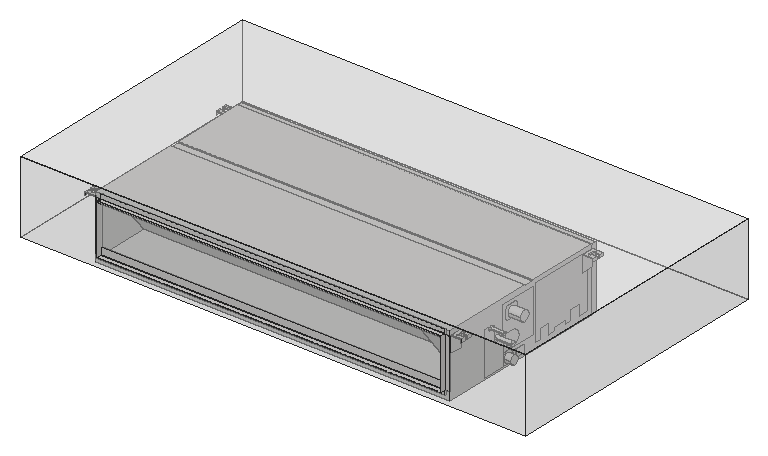
Revit family "outputfile", category 機械設備, Revit 2024
Family settings
  丸型コネクタ寸法 = 半径を使用
  パーツ タイプ = 標準
  OmniClass 番号 = 23.75.10.24.21.27.27
  OmniClass タイトル = Split System Air Conditioning Units
  作業面ベース = いいえ
  常に垂直 = はい
  ロード時にボイドで切り取り = いいえ
  注釈の向きを維持 = いいえ
  共有 = いいえ
  部屋計算ポイント = はい
Parameters (values of type "FDMC125AV1M")
  Description = ""
  書き出し IFC クラス(タイプ) = "IfcUnitaryEquipmentType"
  定義済み IFC タイプ(タイプ) = "AIRCONDITIONINGUNIT"
  Cost = 0
  Type Comments = ""
  Keynote = ""
  Type Image = (empty or 0)
  Assembly Code = ""
  switch_frequency = yes
  connector_voltage = Voltage_50Hz  # 230 V
  connector_powerinput = [Power Input (Cooling)]  # 3.660 kW
  connector_phase = Phase_50Hz  # 1
  URL = ""
  Supply Air Direction [instance] = yes
  製造元 = "Daikin"
  モデル = "FDMC125AV1M"
  w_pipe = 33 mm
  r_Liquid Pipe Size = Liquid Pipe Size / 2  # 4.75 mm
  r_Gas Pipe Size = Gas Pipe Size / 2  # 7.95 mm
  r_Drain Pipe Size = Drain Pipe Size / 2  # 16.0 mm
  lw_powersupply = Width / 2  # 700 mm
  lw_ductflange2 = 1362 mm
  lw_Width = 1362 mm
  lh_suctionflange [instance] = 100 mm
  ld_suctionflange [instance] = 190 mm
  ld_powersupply = 263 mm
  angle_vertical_RA [instance] = 90.00°
  angle horizontal_RA [instance] = 180.00°
  Voltage_comment_50Hz = "220 - 240"
  Voltage_50Hz = 230 V
  Sound Power Level_H speed (dB) = 0
  RA_length = 190 mm  # constant formula
  Phase_50Hz = 1
  Minimum External Static Pressure = 27.00 Pa
  Minimum Circuit Amps_50Hz = 0.0 A
  Maximum Fuse Amps_50Hz = 0.0 A
  Maximum External Static Pressure = 38.00 Pa
  Material_Casing = DAIKIN_GalvanizedSteel_Casing_indoorunit
  lw_liquidpipe = 757.9 mm
  lw_gaspipe = 767.5 mm
  lw_mountinghole_pitch = 1446 mm
  lw_mountinghole = 20 mm
  lw_drainpipe = 726 mm
  lh_powersupply = 43.2 mm
  lh_liquidpipe = 175 mm
  lh_gaspipe = 128 mm
  lh_mountinghole = Height + [h***] - 15 mm  # 235 mm
  lh_drainpipe = 29 mm
  lh_antena = (Height - lh_mountinghole) + 1 mm  # 16 mm
  ld_liquidpipe = 153 mm
  ld_gaspipe = 123 mm
  ld_mountinghole_pitch = 651 mm
  ld_drainpipe = 64 mm
  ld_controlbox = 626 mm
  h*** = 0 mm  # constant formula
  d_dischargeflange = 20 mm  # constant formula
  Width = 1400 mm
  Version = "ver.1.0"
  Unit Type = "Duct"
  Unit Mass Weight = 40.00 kg
  Unit Designation [instance] = ""
  Uniclass2015Version = "Products v1.30"
  Uniclass2015Title = "Split coil room air conditioning units"
  Uniclass2015Code = "Pr_70_65_03_86"
  Total Cooling Capacity [instance] = 0.000 kW
  Sound Pressure Level_M speed (dBA) = 39
  Sound Pressure Level_L speed (dBA) = 36
  Sound Pressure Level_H speed (dBA) = 42
  Series = "SkyAir_Fan Coil Unit"
  Sensible Cooling Capacity [instance] = 0.000 kW
  SA Duct Size Width = 1362 mm
  SA Duct Size Height = 200 mm
  Refrigerant Type = "R32"
  RA Duct Size Width = 1362 mm
  RA Duct Size Height = 214 mm
  Power Input (Cooling) = 3.660 kW
  Option Accessory 3 [instance] = ""
  Option Accessory 2 [instance] = ""
  Option Accessory 1 [instance] = ""
  Nominal Cooling Capacity = 12.310 kW
  Minimum Airflow = 1563.00 m³/h
  Median Airflow = 1860.00 m³/h
  Maximum Airflow = 2141.00 m³/h
  Load Classification = HVAC
  Liquid Pipe Size = 9.5 mm
  Link_Nested Family [instance] = ""
  IfcVersion = ""
  IfcExportType = "AIRCONDITIONINGUNIT"
  IfcExportAs = "IfcUnitaryEquipmentType"
  Height = 250 mm
  Heat Exchanger Type = "Cross Fin Coil"
  Gas Pipe Size = 15.9 mm
  Frequency_50Hz = 50 Hz
  Fan Type = "Sirocco Fan"
  Fan Drive = "-"
  FCU Tag No. [instance] = ""
  Drain Pipe Size = 32.0 mm
  Design Supply Airflow [instance] = 0.00 m³/h
  Design Return Airflow [instance] = 0.00 m³/h
  Design External Static Pressure [instance] = 0.00 Pa
  Depth = 700 mm
  既定の高さ = 0 mm
  Cooling Entering Wet Bulb Temperature [instance] = 0.00 °C
  Cooling Entering Dry Bulb Temperature [instance] = 0.00 °C
  Cooling Ambient Wet Bulb Temperature [instance] = 0.00 °C
  Cooling Ambient Dry Bulb Temperature [instance] = 0.00 °C
  Clearance visibility [instance] = yes
  Clearance Top = 20 mm
  Clearance Right = 300 mm
  Clearance Rear = 400 mm
  Clearance Left = 300 mm
  Clearance Front = 0 mm
  Clearance Bottom = 20 mm
Reference planes
  plane 1 "Center (Front/Back)": y = 0
  plane 2: z = 0
  plane 3 "Center (Left/Right)": x = 0
  plane 4 "Back": y = 350
  plane 5 "Front": y = -350
  plane 6 "Left": x = -700
  plane 7 "Right": x = 700
  plane 8 "Top": z = 0
  plane 9 "Bottom": z = -250
  plane 10: x = 681
  plane 11: x = -680.2
  plane 12: z = -72
  plane 13: z = -75
  plane 14: z = -122
  plane 15: x = -304
  plane 16: x = 304
  plane 17: x = -723
  plane 18: x = 723
  plane 19: x = 757.9
  plane 20: x = 767.5
  plane 21: z = -15
  plane 22 "Clearance Left": x = -1000
  plane 23 "Clearance Right": x = 1000
  plane 24 "Clearance Rear": y = 750
  plane 25 "Clearance Front": y = -350
  plane 26 "Clearance Bottom": z = -270
  plane 27: z = -21
  plane 28: z = -221
  plane 29: y = -123
  plane 30: y = -153
  plane 31: y = -30
  plane 32: y = -64
  plane 33: z = -118
  plane 34: y = -349.2
  plane 35: z = -150
  plane 36: y = 160
  plane 37: z = -151
  plane 38: x = 726
  plane 39: x = 695
  plane 40: x = 565.5
  plane 41: z = 102.5
  plane 42: y = 325.5
  plane 43: y = -325.5
  plane 44: y = 17.5
  plane 45: y = 57
  plane 46: x = 703.2
  plane 47: x = 705.2
  plane 48: y = -370
  plane 49: y = 390
  plane 50: z = -125
  plane 51: z = -70.5
  plane 52: z = -75.133
  plane 53: z = -75.5
  plane 54: z = -126.5
  plane 55: z = -239.8
  plane 56: z = -22.5
  plane 57: z = -192.5
  plane 58: z = -16
  plane 59 "Clearance Top": z = 20
  plane 60: z = -206.8
  plane 61: y = 263
  plane 62: y = -200
  plane 63: y = -300
  plane 64: y = -140
Forms (mm)
  Extrusion 1, solid, material "DAIKIN_GalvanizedSteel_Casing_indoorunit" <- "Material_Casing"
    sketch origin (0, 0, 0) x (1, 0, 0) y (0, 1, 0)
      loop
        line (-700, -349.2) -> (700, -349.2) -> (700, 350) -> (-700, 350) -> (-700, -349.2)
    from -250 to 0
  Extrusion 2, void
    sketch origin (0, 0, 1) x (1, 0, 0) y (0, 1, 0)
      loop
        line (-700, 57) -> (-700, 17.5) -> (700, 17.5) -> (700, 57) -> (-700, 57)
    from -1 to -5
  Extrusion 3, void
    sketch origin (0, 0, 0) x (0, 1, 0) y (0, 0, 1)
      loop
        line (-91.914, -222) -> (-91.914, -246.5) -> (-36.314, -246.5) -> (-36.314, -219.481)
        arc (-36.314, -219.481) -> (-65.261, -194.229) -> (-91.8, -222) r 27.8
    from 700 to 695
  Revolve 4, solid, material "DAIKIN_GalvanizedSteel_Casing_indoorunit" <- "Material_Casing"
    sketch origin (0, 0, -122) x (0, -1, 0) y (1, 0, 0)
      loop
        line (115.05, 700) -> (123, 700) -> (123, 767.5) -> (115.05, 767.5) -> (115.05, 700)
      axis (123, 700) -> (123, 767.5)
    angle from 0 to 360
  Revolve 5, solid, material "DAIKIN_GalvanizedSteel_Casing_indoorunit" <- "Material_Casing"
    sketch origin (0, 0, -75) x (0, -1, 0) y (1, 0, 0)
      loop
        line (153, 700) -> (153, 757.9) -> (148.25, 757.9) -> (148.25, 700) -> (153, 700)
      axis (153, 757.9) -> (153, 700)
    angle from 0 to 360
  Extrusion 6, solid, material "DAIKIN_GalvanizedSteel_Casing_indoorunit" <- "Material_Casing"
    sketch origin (0, 0, 0) x (0, 1, 0) y (0, 0, 1)
      loop
        circle (-64, -221) r 16
    from 726 to 700
  Extrusion 7, solid, material "DAIKIN_GalvanizedSteel_Casing_indoorunit" <- "Material_Casing"
    sketch origin (0, 0, 0) x (0, 1, 0) y (0, 0, 1)
      loop
        line (-180, -70.5) -> (-180, -239.8) -> (-95, -239.8) -> (-95, -126.5) -> (-107, -126.5)
        arc (-107, -126.5) -> (-121.5, -141) -> (-136, -126.5) r 14.5
        line (-136, -126.5) -> (-136, -75.5) -> (-141.006, -75.5)
        arc (-141.006, -75.5) -> (-153.184, -87.131) -> (-165, -75.133) r 12
        line (-165, -75.133) -> (-165, -70.5) -> (-180, -70.5)
      loop
        line (-92, -22.5) -> (-92, -192.5) -> (54, -192.5) -> (54, -22.5) -> (-92, -22.5)
      loop
        line (71, -16) -> (71, -224.802) -> (87.805, -224.802) -> (87.805, -184.607) -> (134.195, -184.606) -> (134.195, -224.802) -> (161, -224.802) -> (161, -212.302) -> (221, -212.303) -> (221, -224.802) -> (239.805, -224.802) -> (239.805, -184.606) -> (286.195, -184.606) -> (286.195, -224.802) -> (321.994, -224.802) -> (321.994, -82) -> (298.5, -82) -> (298.5, -16) -> (71, -16)
    from 700 to 703.2
  Extrusion 8, solid, material "DAIKIN_GalvanizedSteel_Casing_indoorunit" <- "Material_Casing"
    sketch origin (0, 0, 0) x (0, 1, 0) y (0, 0, 1)
      loop
        line (-27.5, -74.5) -> (-27.5, -41.5)
        arc (-27.5, -41.5) -> (-30.136, -35.136) -> (-36.5, -32.5) r 9
        line (-36.5, -32.5) -> (-69.5, -32.5)
        arc (-69.5, -32.5) -> (-75.864, -35.136) -> (-78.5, -41.5) r 9
        line (-78.5, -41.5) -> (-78.5, -74.5)
        arc (-78.5, -74.5) -> (-75.864, -80.864) -> (-69.5, -83.5) r 9
        line (-69.5, -83.5) -> (-36.5, -83.5)
        arc (-36.5, -83.5) -> (-30.136, -80.864) -> (-27.5, -74.5) r 9
      loop
        arc (8, -234.5) -> (9.415, -233.914) -> (10.001, -232.499) r 2.001
        line (10.001, -232.499) -> (9.997, -206.503)
        arc (9.997, -206.503) -> (9.412, -205.091) -> (8, -204.506) r 1.997
        line (8, -204.506) -> (-25.997, -204.506)
        arc (-25.997, -204.506) -> (-27.415, -205.094) -> (-28.002, -206.511) r 2.005
        line (-28.002, -206.511) -> (-28.002, -232.499)
        arc (-28.002, -232.499) -> (-27.416, -233.914) -> (-26.001, -234.5) r 2.001
        line (-26.001, -234.5) -> (8, -234.5)
      loop
        arc (-77.358, -152.358) -> (-25.548, -177.591) -> (-59.394, -130.95) r 29.7
        arc (-59.394, -130.95) -> (-62.843, -131.688) -> (-66.339, -131.219) r 10.3
        line (-66.339, -131.219) -> (-72.946, -129.136)
        arc (-72.946, -129.136) -> (-80.627, -131.374) -> (-81.498, -139.327) r 7.2
        line (-81.498, -139.327) -> (-78.299, -145.472)
        arc (-78.299, -145.472) -> (-77.23, -148.833) -> (-77.358, -152.358) r 10.3
    from 700 to 705.2
  Extrusion 9, solid, material "DAIKIN_GalvanizedSteel_Casing_indoorunit" <- "Material_Casing"
    sketch origin (0, 0, 0) x (0, 1, 0) y (0, 0, 1)
      loop
        circle (-53, -58) r 18.9
    from 700 to 757.9
  Extrusion 10, void
    sketch origin (0, 0, 0) x (0, 1, 0) y (0, 0, 1)
      loop
        line (-350, -18.8) -> (-350, -217.2) -> (-200, -217.2) -> (-349.2, -18.8) -> (-350, -18.8)
    from -680.2 to 681
  Extrusion 11, void
    sketch origin (0, 0, 0) x (0, 1, 0) y (0, 0, 1)
      loop
        line (-350, -18.8) -> (-350, -217.2) -> (-140, -217.2) -> (-300, -18.8) -> (-350, -18.8)
    from -680.2 to 565.5
Cuts and joins
  Extrusion 2, Extrusion 3, Extrusion 10, Extrusion 11 cuts Extrusion 1
  joined: Extrusion 7, Extrusion 8, Extrusion 9
Dimensions and locks
  "Height": plane 8 "Top" to plane 9 "Bottom"
  equal spacing: plane 15, plane 3 "Center (Left/Right)", plane 16, locked at 304 each
  locked: plane 15 to plane 16 at 608
  equal spacing: plane 17, plane 3 "Center (Left/Right)", plane 18
  "lw_mountinghole_pitch": plane 17 to plane 18
  locked: plane 12 to plane 9 "Bottom" at 178
  "lh_liquidpipe": plane 13 to plane 9 "Bottom"
  "lh_gaspipe": plane 14 to plane 9 "Bottom"
  "lh_mountinghole": plane 21 to plane 9 "Bottom"
  equal spacing: plane 6 "Left", plane 3 "Center (Left/Right)", plane 7 "Right"
  "Width": plane 6 "Left" to plane 7 "Right"
  "Clearance Right": plane 7 "Right" to plane 23 "Clearance Right"
  "Clearance Left": plane 22 "Clearance Left" to plane 6 "Left"
  "Clearance Rear": plane 24 "Clearance Rear" to plane 4 "Back"
  "Clearance Front": plane 5 "Front" to plane 25 "Clearance Front"
  locked: plane 8 "Top" to plane 27 at 21
  "Depth": plane 4 "Back" to plane 5 "Front"
  equal spacing: plane 4 "Back", plane 1 "Center (Front/Back)", plane 5 "Front"
  "ld_suctionflange": plane 4 "Back" to plane 36
  locked: plane 37 to plane 9 "Bottom" at 99
  plane 7 "Right" to plane 40 = 134.5 mm
  "r_Gas Pipe Size": nested 6 to Revolve 4 sketch curve
  "r_Liquid Pipe Size": nested 5 to Revolve 5 sketch curve
  equal spacing: plane 42, plane 1 "Center (Front/Back)", plane 43
  "ld_mountinghole_pitch": plane 42 to plane 43
  locked: plane 33 to plane 9 "Bottom" at 132
  "lw_liquidpipe": plane 3 "Center (Left/Right)" to plane 19
  "lw_gaspipe": plane 3 "Center (Left/Right)" to plane 20
  "lw_drainpipe": plane 3 "Center (Left/Right)" to plane 38
  "ld_drainpipe": plane 32 to plane 1 "Center (Front/Back)"
  "ld_gaspipe": plane 29 to plane 1 "Center (Front/Back)"
  "ld_liquidpipe": plane 30 to plane 1 "Center (Front/Back)"
  "lh_drainpipe": plane 28 to plane 9 "Bottom"
  locked: plane 7 "Right" to plane 46 at 3.2
  locked: plane 46 to plane 47 at 2
  equal spacing: plane 8 "Top", plane 50, plane 9 "Bottom"
  plane 51 to plane 52 to plane 53 to plane 54 to plane 55 = 4.633 mm locked, 0.367 mm locked, 51 mm locked, 113.3 mm locked
  plane 8 "Top" to plane 56 to plane 57 = 22.5 mm locked, 170 mm locked
  locked: plane 8 "Top" to plane 58 at 16
  locked: plane 40 to plane 10 at 115.5
  locked: plane 17 to plane 11 at 42.8
  locked: plane 39 to plane 7 "Right" at 5
  "Clearance Top": plane 59 "Clearance Top" to plane 8 "Top"
  "Clearance Bottom": plane 9 "Bottom" to plane 26 "Clearance Bottom"
  "lh_powersupply": plane 60 to plane 9 "Bottom"
  "ld_powersupply": plane 61 to plane 1 "Center (Front/Back)"
  locked: plane 34 to plane 5 "Front" at 0.8
  locked: plane 5 "Front" to plane 48 at 20
  locked: plane 5 "Front" to plane 62 at 150
  plane 5 "Front" to plane 63 to plane 64 = 50 mm locked, 160 mm locked
  "r_Drain Pipe Size": radius of Extrusion 6 sketch curve
  aligned and locked: level to plane 2
  aligned and locked: Extrusion 1 to plane 9 "Bottom"
  aligned and locked: plane 8 "Top" to Extrusion 1
  aligned and locked: Revolve 4 sketch curve to Revolve 4 sketch curve
  aligned and locked: plane 19 to nested 5
  aligned and locked: nested 5 to plane 13
  aligned and locked: plane 18 to nested 2
  aligned and locked: plane 17 to nested 3
  aligned and locked: plane 17 to nested 4
  aligned and locked: nested 6 to plane 14
  aligned and locked: plane 29 to nested 6
  aligned and locked: plane 30 to nested 5
  aligned and locked: Extrusion 6 sketch curve to plane 32
  aligned and locked: plane 8 "Top" to Extrusion 2
  aligned and locked: plane 24 "Clearance Rear" to nested 11
  aligned and locked: plane 23 "Clearance Right" to nested 11
  aligned and locked: plane 22 "Clearance Left" to nested 11
  aligned and locked: nested 11 to plane 25 "Clearance Front"
  aligned and locked: plane 7 "Right" to cut or joined group of Extrusion 1, Extrusion 2, Extrusion 3, Extrusion 10, Extrusion 11  (x3)
  aligned and locked: cut or joined group of Extrusion 1, Extrusion 2, Extrusion 3, Extrusion 10, Extrusion 11 to plane 39
  aligned and locked: plane 38 to Extrusion 6
  aligned and locked: plane 20 to nested 6
  aligned and locked: plane 3 "Center (Left/Right)" to nested 12
  aligned and locked: plane 18 to nested 1
  aligned and locked: plane 32 to nested 7
  aligned and locked: nested 7 to plane 28
  aligned and locked: plane 38 to nested 7
  aligned and locked: nested 9 to plane 1 "Center (Front/Back)"
  aligned and locked: plane 3 "Center (Left/Right)" to nested 9
  aligned and locked: plane 33 to nested 8
  aligned and locked: level to plane 8 "Top"
  aligned and locked: plane 42 to nested 1
  aligned and locked: plane 43 to nested 2
  aligned and locked: nested 4 to plane 42
  aligned and locked: nested 3 to plane 43
  aligned and locked: nested 12 to plane 21
  aligned and locked: cut or joined group of Extrusion 1, Extrusion 2, Extrusion 3, Extrusion 10, Extrusion 11 to plane 34
  aligned and locked: nested 13 to plane 33
  aligned and locked: Extrusion 2 sketch curve to plane 6 "Left"
  aligned and locked: plane 7 "Right" to Extrusion 2 sketch curve
  aligned and locked: plane 44 to Extrusion 2 sketch curve
  aligned and locked: plane 45 to Extrusion 2 sketch curve
  aligned and locked: plane 3 "Center (Left/Right)" to nested 10
  aligned and locked: nested 10 to plane 4 "Back"
  aligned and locked: plane 46 to Extrusion 7
  aligned and locked: Extrusion 7 to plane 7 "Right"
  aligned and locked: Extrusion 8 to plane 7 "Right"
  aligned and locked: plane 47 to Extrusion 8
  aligned and locked: plane 19 to Extrusion 9
  aligned and locked: Extrusion 9 to plane 7 "Right"
  aligned and locked: nested 8 to plane 48
  aligned and locked: plane 49 to nested 14
  aligned and locked: nested 14 to plane 3 "Center (Left/Right)"
  aligned and locked: nested 14 to plane 50
  aligned and locked: plane 54 to Extrusion 7 sketch curve  (x2)
  aligned and locked: plane 52 to Extrusion 7 sketch curve
  aligned and locked: plane 56 to Extrusion 7 sketch curve
  aligned and locked: plane 57 to Extrusion 7 sketch curve
  aligned and locked: plane 58 to Extrusion 7 sketch curve
  aligned and locked: plane 3 "Center (Left/Right)" to nested 13
  aligned and locked: plane 59 "Clearance Top" to nested 11
  aligned and locked: nested 11 to plane 26 "Clearance Bottom"
  aligned and locked: plane 7 "Right" to nested 15
  aligned and locked: nested 15 to plane 60
  aligned and locked: plane 34 to nested 13
  aligned and locked: plane 5 "Front" to Extrusion 10 sketch curve
  aligned and locked: cut or joined group of Extrusion 1, Extrusion 2, Extrusion 3, Extrusion 10, Extrusion 11 to plane 11  (x2)
  aligned and locked: plane 10 to cut or joined group of Extrusion 1, Extrusion 2, Extrusion 3, Extrusion 10, Extrusion 11
  aligned and locked: Extrusion 11 sketch curve to plane 5 "Front"
  aligned and locked: plane 63 to Extrusion 11 sketch curve
  aligned and locked: plane 64 to Extrusion 11 sketch curve
  aligned and locked: cut or joined group of Extrusion 1, Extrusion 2, Extrusion 3, Extrusion 10, Extrusion 11 to plane 40
  aligned and locked: Extrusion 6 to plane 7 "Right"
  aligned and locked: Revolve 4 to plane 7 "Right"
  aligned and locked: Revolve 5 to plane 7 "Right"
Automatic sketch dimensions
  Extrusion 1 sketch curve to plane 4 "Back" = 0 mm
  Extrusion 1 sketch curve to plane 6 "Left" = 0 mm
  Extrusion 1 sketch curve to plane 7 "Right" = 0 mm
  plane 34 to Extrusion 1 sketch curve = 0 mm
  Extrusion 6 sketch curve to plane 28 = 0 mm
  Revolve 4 sketch curve to plane 20 = 0 mm
  Revolve 4 sketch curve to plane 29 = 0 mm
  Revolve 4 sketch curve to Revolve 4 sketch curve = 2.003 mm
  plane 20 to Revolve 4 sketch curve = 1.003 mm
  Revolve 5 sketch curve to plane 30 = 0 mm  (x2)
  Revolve 5 sketch curve to plane 19 = 0 mm  (x2)
  Revolve 5 sketch curve to plane 7 "Right" = 0 mm
  Revolve 5 sketch curve to Revolve 5 sketch curve = 1 mm
  Revolve 4 sketch curve to plane 7 "Right" = 0 mm
  plane 9 "Bottom" to Extrusion 3 sketch curve = 3.5 mm
  Extrusion 3 sketch curve to plane 31 = 6.314 mm
  Extrusion 3 sketch curve to plane 28 = 1 mm  (x2)
  plane 32 to Extrusion 3 sketch curve = 0 mm
  Extrusion 3 sketch curve to Extrusion 3 sketch curve = 0.114 mm
  Extrusion 8 sketch curve to plane 32 = 14.5 mm
  plane 13 to Extrusion 8 sketch curve = 0.5 mm  (x2)
  Extrusion 8 sketch curve to plane 32 = 5.5 mm  (x2)
  Extrusion 8 sketch curve to plane 31 = 6.5 mm  (x2)
  Extrusion 8 sketch curve to plane 27 = 20.5 mm
  plane 31 to Extrusion 8 sketch curve = 1.998 mm
  Extrusion 8 sketch curve to Extrusion 8 sketch curve = 2.001 mm  (x2)
  Extrusion 8 sketch curve to Extrusion 8 sketch curve = 2.005 mm
  Extrusion 8 sketch curve to plane 1 "Center (Front/Back)" = 8 mm  (x2)
  plane 28 to Extrusion 8 sketch curve = 16.494 mm
  Extrusion 8 sketch curve to Extrusion 8 sketch curve = 1.994 mm
  Extrusion 8 sketch curve to Extrusion 8 sketch curve = 1.997 mm
  Extrusion 8 sketch curve to plane 32 = 17.498 mm
  Extrusion 8 sketch curve to plane 35 = 0.228 mm
  Extrusion 8 sketch curve to Extrusion 8 sketch curve = 5.937 mm
  plane 35 to Extrusion 8 sketch curve = 4.528 mm
  Extrusion 8 sketch curve to Extrusion 8 sketch curve = 3.199 mm
  Extrusion 8 sketch curve to Extrusion 8 sketch curve = 6.386 mm
  Extrusion 8 sketch curve to plane 14 = 7.136 mm
  Extrusion 8 sketch curve to Extrusion 8 sketch curve = 2.165 mm
  Extrusion 8 sketch curve to plane 32 = 2.339 mm
  plane 32 to Extrusion 8 sketch curve = 0.758 mm
  Extrusion 8 sketch curve to plane 37 = 7.5 mm
  plane 32 to Extrusion 8 sketch curve = 15.7 mm
  Extrusion 8 sketch curve to Extrusion 8 sketch curve = 6.145 mm
  Extrusion 8 sketch curve to Extrusion 8 sketch curve = 2.083 mm
  plane 14 to Extrusion 8 sketch curve = 0.604 mm
  Extrusion 8 sketch curve to Extrusion 8 sketch curve = 0 mm
  plane 32 to Extrusion 9 sketch curve = 11 mm
  plane 12 to Extrusion 9 sketch curve = 14 mm
  Extrusion 7 sketch curve to plane 30 = 0 mm
  Extrusion 7 sketch curve to plane 30 = 27 mm
  Extrusion 7 sketch curve to plane 13 = 0.5 mm
  Extrusion 7 sketch curve to Extrusion 7 sketch curve = 5.006 mm
  plane 12 to Extrusion 7 sketch curve = 1.5 mm
  Extrusion 7 sketch curve to Extrusion 7 sketch curve = 12 mm
  Extrusion 7 sketch curve to plane 30 = 12 mm
  plane 29 to Extrusion 7 sketch curve = 1.5 mm
  Extrusion 7 sketch curve to plane 32 = 28 mm
  Extrusion 7 sketch curve to Extrusion 7 sketch curve = 17 mm
  Extrusion 7 sketch curve to plane 28 = 3.802 mm  (x8)
  Extrusion 7 sketch curve to plane 42 = 27 mm
  Extrusion 7 sketch curve to plane 42 = 3.506 mm  (x2)
  Extrusion 7 sketch curve to plane 53 = 6.5 mm
  plane 57 to Extrusion 7 sketch curve = 7.893 mm
  Extrusion 7 sketch curve to Extrusion 7 sketch curve = 0 mm  (x2)
  plane 57 to Extrusion 7 sketch curve = 7.894 mm  (x2)
  plane 36 to Extrusion 7 sketch curve = 1 mm  (x2)
  plane 28 to Extrusion 7 sketch curve = 8.697 mm
  Extrusion 3 sketch curve to Extrusion 3 sketch curve = 27.914 mm
  Extrusion 7 sketch curve to plane 55 = 0 mm
  Extrusion 8 sketch curve to plane 28 = 11.499 mm
  Extrusion 7 sketch curve to Extrusion 7 sketch curve = 60 mm
  Extrusion 10 sketch curve to plane 34 = 0 mm
  plane 28 to Extrusion 10 sketch curve = 3.8 mm
  plane 27 to Extrusion 10 sketch curve = 2.2 mm
  Extrusion 10 sketch curve to plane 30 = 47 mm
  plane 28 to Extrusion 11 sketch curve = 3.8 mm
  plane 27 to Extrusion 11 sketch curve = 2.2 mm
  radius of Extrusion 9 sketch curve = 18.9 mm
Nested families
  nested 1: "daikin_mountinghole" at (723, 325.5, -250), l_antenna <- "lh_antena", Link_Nested Family <- "Link_Nested Family", h_mountinghole <- "lh_mountinghole", type "daikin_mountinghole"
    with show yes, l_antenna 16 mm, h_mountinghole 235 mm, Link_Nested Family ""
  nested 2: "daikin_mountinghole" at (723, -325.5, -250), Link_Nested Family <- "Link_Nested Family", l_antenna <- "lh_antena", h_mountinghole <- "lh_mountinghole", type "daikin_mountinghole"
    with show yes, l_antenna 16 mm, h_mountinghole 235 mm, Link_Nested Family ""
  nested 3: "daikin_mountinghole" at (-723, -325.5, -250), l_antenna <- "lh_antena", Link_Nested Family <- "Link_Nested Family", h_mountinghole <- "lh_mountinghole", type "daikin_mountinghole"
    with show yes, l_antenna 16 mm, h_mountinghole 235 mm, Link_Nested Family ""
  nested 4: "daikin_mountinghole" at (-723, 325.5, -250), l_antenna <- "lh_antena", Link_Nested Family <- "Link_Nested Family", h_mountinghole <- "lh_mountinghole", type "daikin_mountinghole"
    with show yes, l_antenna 16 mm, h_mountinghole 235 mm, Link_Nested Family ""
  nested 5: "daikin_connector_rotate2" at (0, -153, -75) x (0, 1, 0) z (0, 0, 1), length <- "lw_liquidpipe", built-in parameter 1001364 <- "lh_liquidpipe", radius <- "r_Liquid Pipe Size", type "daikin_connector_rotate2"
    with radius 4.75 mm, length 757.9 mm, angle_vertical 90.00°
  nested 6: "daikin_connector_rotate2" at (0, -123, -122) x (0, 1, 0) z (0, 0, 1), length <- "lw_gaspipe", built-in parameter 1001364 <- "lh_gaspipe", radius <- "r_Gas Pipe Size", type "daikin_connector_rotate2"
    with radius 7.95 mm, length 767.5 mm, angle_vertical 90.00°
  nested 7: "daikin_connector_rotate2" at (0, -64, -221) x (0, 1, 0) z (0, 0, 1), built-in parameter 1001364 <- "lh_drainpipe", length <- "lw_drainpipe", radius <- "r_Drain Pipe Size", type "daikin_connector_rotate2"
    with radius 16 mm, length 726 mm, angle_vertical 90.00°
  nested 8: "daikin_connector_rotate2" at (0, -350, -118), length <- "d_dischargeflange", type "daikin_connector_rotate2"
    with radius 10 mm, length 20 mm, angle_vertical 90.00°
  nested 9: "daikin_△_symbolicline" at (-75, -129.904, 250) x (-0.5, 0.866, 0) z (0, 0, 1), built-in parameter 1001364 <- "Height", visible <- "Supply Air Direction", type "daikin_△_symbolicline"
    with length 300 mm
  nested 10: "daikin_ductflange_FDMC-AV1M_1" at (0, 350, -125), material <- "Material_Casing", width <- "lw_ductflange2", type "daikin_ductflange_FDMC-AV1M_1"
    with width 1362 mm, material DAIKIN_GalvanizedSteel_Casing_indoorunit, height 214 mm, depth 40 mm
  nested 11: "daikin_clearancespace" at (0, 200, -124.881), visible <- "Clearance visibility", show <- "Clearance visibility", Link_Nested Family <- "Link_Nested Family", type "daikin_clearancespace"
    with width 2000 mm, show yes, height 290 mm, depth 1100 mm, Link_Nested Family ""
  nested 12: "daikin_hangerfixture_FDMC-AV1M" at (0, 0, -15), type "daikin_hangerfixture_FDMC-AV1M"
    with width 1400 mm
  nested 13: "daikin_ductflange_FDMC-AV1M" at (0, -35.7, -407.401), width <- "lw_Width", material <- "Material_Casing", type "daikin_ductflange_FDMC-AV1M"
    with width 1362 mm, material DAIKIN_GalvanizedSteel_Casing_indoorunit, height 200 mm, depth 20.8 mm
  nested 14: "daikin_connector_rotate2" at (0, 350, -125) x (-1, 0, 0) z (0, 0, 1), type "daikin_connector_rotate2"
    with radius 10 mm, length 40 mm, angle_vertical 90.00°
  nested 15: "daikin_connector_rotate2" at (0, 263, -206.8) x (0, 1, 0) z (0, 0, 1), length <- "lw_powersupply", built-in parameter 1001364 <- "lh_powersupply", type "daikin_connector_rotate2"
    with radius 10 mm, length 700 mm, angle_vertical 90.00°
Connectors
  piping at (767.5, -123, -122), diameter 15.9, driven by "r_Gas Pipe Size"
    settings: on nested 6, index 1, connector inside diameter 609.6 mm, connector length 0 mm, flow factor 0, pipe flow 0.00 m³/h, pressure drop 0.0 Pa, fitting loss kfactor 0, connector angle 0.00°, fixture units 0, engagement length 0 mm, angle of deflection 0.00°, flow configuration 1, flow direction 2, fitting loss method 0, system type 29, joint type 0, gender type 0, connector reference index -1, connector utility 0, adjustable connector no, is connector primary yes, connector description "Refrigerant Gas Piping"
  piping at (757.9, -153, -75), diameter 9.5, driven by "r_Liquid Pipe Size"
    settings: on nested 5, index 2, connector inside diameter 609.6 mm, connector length 0 mm, flow factor 0, pipe flow 0.00 m³/h, pressure drop 0.0 Pa, fitting loss kfactor 0, connector angle 0.00°, fixture units 0, engagement length 0 mm, angle of deflection 0.00°, flow configuration 1, flow direction 1, fitting loss method 0, system type 29, joint type 0, gender type 0, connector reference index -1, connector utility 0, adjustable connector no, is connector primary no, connector description "Refrigerant Liquid Piping"
  piping at (726, -64, -221), diameter 32, driven by "r_Drain Pipe Size"
    settings: on nested 7, index 3, connector inside diameter 609.6 mm, connector length 0 mm, flow factor 0, pipe flow 0.00 m³/h, pressure drop 0.0 Pa, fitting loss kfactor 0, connector angle 0.00°, fixture units 0, engagement length 0 mm, angle of deflection 0.00°, flow configuration 1, flow direction 2, fitting loss method 4, system type 16, joint type 0, gender type 0, connector reference index -1, connector utility 0, adjustable connector no, is connector primary no, connector description "Condensate Drain Piping"
  hvac at (0, -370, -118), driven by "SA Duct Size Height", driven by "SA Duct Size Width"
    settings: on nested 8, index 7, duct flow 0.00 m³/h, flow factor 0, pres drop 0.00 Pa, loss coef 0, conn angle 0.00°, conn width 1362.0 mm, conn height 200.0 mm, conn diameter 609.6 mm, duct sys type 1, conn prof type 1, flow config 0, flow direction 2, loss method 4, conn ref index -1, conn util no, is conn primary yes, conn desc "SA Duct"
  hvac at (0, 390, -125), driven by "RA Duct Size Width", driven by "RA Duct Size Height"
    settings: on nested 14, index 8, duct flow 0.00 m³/h, flow factor 0, pres drop 0.00 Pa, loss coef 0, conn angle 0.00°, conn width 1362.0 mm, conn height 214.0 mm, conn diameter 609.6 mm, duct sys type 2, conn prof type 1, flow config 0, flow direction 1, loss method 4, conn ref index -1, conn util no, is conn primary no, conn desc "RA Duct"
  electrical at (700, 263, -206.8), driven by "Load Classification", driven by "connector_powerinput", driven by "connector_voltage", driven by "connector_phase"
    settings: on nested 15, index 9, voltage 230 V, apparent load 3660 VA, apparent load phase1 0 VA, apparent load phase2 0 VA, apparent load phase3 0 VA, power factor 1, load classification "HVAC", number of poles 1, system type 30, power factor state 1, is connector primary yes, connector utility no, sub classification motor no, connector description "Power Supply"
Definition of nested family "daikin_ductflange_FDMC-AV1M_1"
  Parameters (values of type "daikin_ductflange_FXDQ-NDVET2")
    width [instance] = 662 mm
    material [instance] = none
    height [instance] = 214 mm
    depth [instance] = 40 mm
    Default Elevation = 0 mm
  Reference planes
    plane 1 "Center (Front/Back)": y = 0
    plane 2: z = 0
    plane 3 "Center (Left/Right)": x = 0
    plane 4: x = -331
    plane 5: x = 331
    plane 6: z = 107
    plane 7: z = -107
    plane 8: x = -350
    plane 9: x = 350
    plane 10: z = 124
    plane 11: z = -124
    plane 12: y = 20
    plane 13: x = -330.2
    plane 14: x = 330.2
    plane 15: z = 106.2
    plane 16: z = -106.2
    plane 17: y = 40
    plane 18: x = -330.2
    plane 19: z = 106.2
    plane 20: z = -106.2
    plane 21: x = 330.2
  Forms (mm)
    Extrusion 1, solid, material <- "material"
      sketch origin (0, 0, 0) x (1, 0, 0) y (0, 0, 1)
        loop
          line (-330.2, 106.2) -> (-330.2, -106.2) -> (330.2, -106.2) -> (330.2, 106.2) -> (-330.2, 106.2)
        loop
          line (-350, 124) -> (-350, -124) -> (350, -124) -> (350, 124) -> (-350, 124)
      from 0 to -20
    Extrusion 2, solid, material <- "material"
      sketch origin (0, 0, 0) x (1, 0, 0) y (0, 0, 1)
        loop
          line (-331, 107) -> (-331, -107) -> (331, -107) -> (331, 107) -> (-331, 107)
        loop
          line (-330.2, 106.2) -> (-330.2, -106.2) -> (330.2, -106.2) -> (330.2, 106.2) -> (-330.2, 106.2)
      from -40 to -20
  Cuts and joins
    joined: Extrusion 1, Extrusion 2
  Dimensions and locks
    equal spacing: plane 5, plane 3 "Center (Left/Right)", plane 4
    "width": plane 5 to plane 4
    equal spacing: plane 6, level, plane 7
    "height": plane 6 to plane 7
    locked: plane 4 to plane 8 at 19
    locked: plane 9 to plane 5 at 19
    locked: plane 10 to plane 6 at 17
    locked: plane 7 to plane 11 at 17
    locked: plane 1 "Center (Front/Back)" to plane 12 at 20
    locked: plane 13 to plane 4 at 0.8
    locked: plane 5 to plane 14 at 0.8
    locked: plane 6 to plane 15 at 0.8
    locked: plane 16 to plane 7 at 0.8
    locked: plane 12 to plane 17 at 20
    locked: plane 18 to plane 4 at 0.8
    locked: plane 5 to plane 21 at 0.8
    locked: plane 6 to plane 19 at 0.8
    locked: plane 20 to plane 7 at 0.8
    locked: plane 1 "Center (Front/Back)" to plane 17 at 40
    aligned and locked: level to plane 2
    aligned and locked: Extrusion 1 sketch curve to plane 10
    aligned and locked: plane 8 to Extrusion 1 sketch curve
    aligned and locked: Extrusion 1 sketch curve to plane 9
    aligned and locked: Extrusion 1 to plane 12
    aligned and locked: plane 1 "Center (Front/Back)" to Extrusion 1
    aligned and locked: Extrusion 1 sketch curve to plane 15
    aligned and locked: plane 13 to Extrusion 1 sketch curve
    aligned and locked: plane 16 to Extrusion 1 sketch curve
    aligned and locked: plane 11 to Extrusion 1 sketch curve
    aligned and locked: Extrusion 1 sketch curve to plane 14
    aligned and locked: Extrusion 2 sketch curve to plane 6
    aligned and locked: plane 4 to Extrusion 2 sketch curve
    aligned and locked: plane 7 to Extrusion 2 sketch curve
    aligned and locked: Extrusion 2 sketch curve to plane 5
    aligned and locked: Extrusion 2 sketch curve to Extrusion 1  (x4)
    aligned and locked: Extrusion 2 to plane 17
    aligned and locked: Extrusion 2 to Extrusion 1
  Automatic sketch dimensions
    Extrusion 1 sketch curve to plane 10 = 0 mm
Definition of nested family "daikin_clearancespace"
  Parameters (values of type "daikin_clearancespace")
    Description = "daikin_clearancespace"
    width [instance] = 1823.963 mm
    show [instance] = yes
    material = none
    height [instance] = 1359.762 mm
    depth [instance] = 880 mm
    Default Elevation = 0 mm
    Link_Nested Family [instance] = ""
  Reference planes
    plane 1 "Center (Front/Back)": y = 0
    plane 2 "Center (Elevation)": z = -0.119
    plane 3 "Center (Left/Right)": x = 0
    plane 4: y = 440
    plane 5: y = -440
    plane 6 "Right": x = 911.982
    plane 7 "Left": x = -911.982
    plane 8 "Top": z = 679.762
    plane 9 "Bottom": z = -680
  Forms (mm)
    Extrusion 1, solid, material <- "material", visible <- "show"
      sketch origin (0, 0, 0) x (1, 0, 0) y (0, 1, 0)
        loop
          line (-911.982, 440) -> (-911.982, -440) -> (911.982, -440) -> (911.982, 440) -> (-911.982, 440)
      from -680 to 679.762
  Lines and regions (mm)
    symbolic lines, visible <- "show"
      curve 1: line (911.982, 440, 0) -> (-911.982, 440, 0)
      curve 2: line (-911.982, 440, 0) -> (-911.982, -440, 0)
      curve 3: line (-911.982, -440, 0) -> (911.982, -440, 0)
      curve 4: line (911.982, -440, 0) -> (911.982, 440, 0)
      curve 5: line (911.982, 0, 679.762) -> (-911.982, 0, 679.762)
      curve 6: line (911.982, 0, -680) -> (911.982, 0, 679.762)
      curve 7: line (-911.982, 0, -680) -> (911.982, 0, -680)
      curve 8: line (-911.982, 0, 679.762) -> (-911.982, 0, -680)
      curve 9: line (0, 440, 679.762) -> (0, -440, 679.762)
      curve 10: line (0, -440, 679.762) -> (0, -440, -680)
      curve 11: line (0, 440, -680) -> (0, 440, 679.762)
      curve 12: line (0, -440, -680) -> (0, 440, -680)
  Dimensions and locks
    "width": plane 7 "Left" to plane 6 "Right"
    "depth": plane 4 to plane 5
    "height": plane 8 "Top" to plane 9 "Bottom"
    equal spacing: plane 7 "Left", plane 3 "Center (Left/Right)", plane 6 "Right"
    equal spacing: plane 4, plane 1 "Center (Front/Back)", plane 5
    equal spacing: plane 8 "Top", plane 2 "Center (Elevation)", plane 9 "Bottom"
    aligned and locked: level to plane 2 "Center (Elevation)"
    aligned and locked: Extrusion 1 sketch curve to plane 4
    aligned and locked: plane 7 "Left" to Extrusion 1 sketch curve
    aligned and locked: Extrusion 1 sketch curve to plane 5
    aligned and locked: Extrusion 1 sketch curve to plane 6 "Right"
    aligned and locked: plane 8 "Top" to Extrusion 1
    aligned and locked: curve 1 to Extrusion 1
    aligned and locked: curve 2 to Extrusion 1
    aligned and locked: curve 3 to Extrusion 1
    aligned and locked: curve 4 to Extrusion 1
    aligned and locked: curve 5 to Extrusion 1
    aligned and locked: curve 6 to Extrusion 1
    aligned and locked: curve 7 to Extrusion 1
    aligned and locked: curve 8 to Extrusion 1
    aligned and locked: curve 9 to Extrusion 1
    aligned and locked: curve 10 to Extrusion 1
    aligned and locked: curve 11 to Extrusion 1
    aligned and locked: curve 12 to Extrusion 1
    aligned and locked: Extrusion 1 to plane 9 "Bottom"
Definition of nested family "daikin_hangerfixture_FDMC-AV1M"
  Parameters (values of type "daikin_hangerfixture_FDMFC-AV1M")
    width = 700 mm
    material = none
    height = 65 mm
    depth = 700 mm
    Default Elevation = 0 mm
  Reference planes
    plane 1 "Center (Front/Back)": y = 0
    plane 2: z = 0
    plane 3 "Center (Left/Right)": x = 0
    plane 4: x = 350
    plane 5: y = 350
    plane 6: y = -350
    plane 7: x = -350
    plane 8: z = -65
    plane 9: y = 325.5
    plane 10: y = -325.5
    plane 11: y = 302
    plane 12: y = -302
    plane 13: x = 373
    plane 14: x = -373
  Forms (mm)
    Extrusion 1, void
      sketch origin (0, 0, 0) x (-1, 0, 0) y (0, -1, 0)
        loop
          arc (366.995, -334.5) -> (373, -340.5) -> (378.995, -334.489) r 6
          line (378.995, -334.489) -> (378.995, -333)
          arc (378.995, -333) -> (379.288, -332.293) -> (379.995, -332) r 1
          line (379.995, -332) -> (394.995, -332) -> (394.995, -319) -> (379.995, -319)
          arc (379.995, -319) -> (379.288, -318.707) -> (378.995, -318) r 1
          line (378.995, -318) -> (378.995, -316.464)
          arc (378.995, -316.464) -> (372.977, -310.5) -> (366.995, -316.5) r 6
          line (366.995, -316.5) -> (366.995, -334.5)
        loop
          line (367.28, 334.5) -> (367.28, 316.5)
          arc (367.28, 316.5) -> (373, 310.507) -> (379.254, 315.94) r 6
          line (379.254, 315.94) -> (379.254, 318)
          arc (379.254, 318) -> (379.547, 318.707) -> (380.254, 319) r 1
          line (380.254, 319) -> (395.254, 319) -> (395.254, 332) -> (380.254, 332)
          arc (380.254, 332) -> (379.547, 332.293) -> (379.254, 333) r 1
          line (379.254, 333) -> (379.254, 334.5)
          arc (379.254, 334.5) -> (373.267, 340.487) -> (367.28, 334.5) r 5.987
      from -254.96 to 618
    Extrusion 2, solid, material <- "material"
      sketch origin (0, 0, 0) x (-1, 0, 0) y (0, 0, 1)
        loop
          line (350, 0) -> (350, -65) -> (352.3, -65) -> (352.3, -2.3) -> (392.7, -2.3) -> (392.7, -12) -> (395, -12) -> (395, 0) -> (350, 0)
      from -349.5 to -301.5
    Extrusion 3, solid, material <- "material"
      sketch origin (0, 0, 0) x (1, 0, 0) y (0, 0, 1)
        loop
          line (350, 0) -> (350, -65) -> (352.3, -65) -> (352.3, -2.3) -> (392.7, -2.3) -> (392.7, -12) -> (395, -12) -> (395, 0) -> (350, 0)
      from -349.5 to -301.5
    Extrusion 4, void
      sketch origin (0, 0, 0) x (1, 0, 0) y (0, 1, 0)
        loop
          line (366.995, 334.5) -> (366.995, 316.5)
          arc (366.995, 316.5) -> (372.977, 310.5) -> (378.995, 316.464) r 6
          line (378.995, 316.464) -> (378.995, 318)
          arc (378.995, 318) -> (379.288, 318.707) -> (379.995, 319) r 1
          line (379.995, 319) -> (394.995, 319) -> (394.995, 332) -> (379.995, 332)
          arc (379.995, 332) -> (379.288, 332.293) -> (378.995, 333) r 1
          line (378.995, 333) -> (378.995, 334.489)
          arc (378.995, 334.489) -> (373, 340.5) -> (366.995, 334.5) r 6
        loop
          arc (367.026, -334.5) -> (373.026, -340.5) -> (379.026, -334.5) r 6
          line (379.026, -334.5) -> (379.026, -333)
          arc (379.026, -333) -> (379.319, -332.293) -> (380.026, -332) r 1
          line (380.026, -332) -> (395.026, -332) -> (395.026, -319) -> (380.026, -319)
          arc (380.026, -319) -> (379.319, -318.707) -> (379.026, -318) r 1
          line (379.026, -318) -> (379.026, -316.448)
          arc (379.026, -316.448) -> (373, -310.5) -> (367.026, -316.5) r 6
          line (367.026, -316.5) -> (367.026, -334.5)
      from -254.96 to 618
    Extrusion 5, solid, material <- "material"
      sketch origin (0, 0, 0) x (1, 0, 0) y (0, 0, -1)
        loop
          line (350, 0) -> (395, 0) -> (395, 12) -> (392.7, 12) -> (392.7, 2.3) -> (352.3, 2.3) -> (352.3, 65) -> (350, 65) -> (350, 0)
      from -349.5 to -301.5
    Extrusion 6, solid, material <- "material"
      sketch origin (0, 0, 0) x (-1, 0, 0) y (0, 0, -1)
        loop
          line (350, 0) -> (395, 0) -> (395, 12) -> (392.7, 12) -> (392.7, 2.3) -> (352.3, 2.3) -> (352.3, 65) -> (350, 65) -> (350, 0)
      from -349.5 to -301.5
  Cuts and joins
    Extrusion 1 cuts Extrusion 2
    Extrusion 4 cuts Extrusion 3
    Extrusion 4 cuts Extrusion 5
    Extrusion 1 cuts Extrusion 6
  Dimensions and locks
    equal spacing: plane 5, plane 1 "Center (Front/Back)", plane 6
    "depth": plane 5 to plane 6
    plane 6 to plane 1 "Center (Front/Back)" to plane 5 = 350 mm, 350 mm
    equal spacing: plane 4, plane 3 "Center (Left/Right)", plane 7
    "width": plane 4 to plane 7
    "height": level to plane 8
    equal spacing: plane 10, plane 1 "Center (Front/Back)", plane 9
    plane 10 to plane 9 = 651 mm
    plane 5 to plane 11 = 48 mm
    plane 12 to plane 6 = 48 mm
    locked: plane 7 to plane 14 at 23
    locked: plane 13 to plane 4 at 23
    plane 14 to plane 13 = 746 mm
    aligned and locked: level to plane 2
  Automatic sketch dimensions
    Extrusion 1 sketch curve to plane 7 = 17.28 mm
    Extrusion 1 sketch curve to plane 7 = 16.995 mm
    Extrusion 1 sketch curve to Extrusion 1 sketch curve = 5.987 mm  (x2)
    Extrusion 1 sketch curve to Extrusion 1 sketch curve = 6 mm  (x5)
    Extrusion 1 sketch curve to Extrusion 1 sketch curve = 5.974 mm
    Extrusion 1 sketch curve to Extrusion 1 sketch curve = 1 mm  (x5)
    plane 9 to Extrusion 1 sketch curve = 6.5 mm
    Extrusion 1 sketch curve to Extrusion 1 sketch curve = 15 mm  (x2)
    plane 10 to Extrusion 1 sketch curve = 6.5 mm
    Extrusion 1 sketch curve to plane 9 = 6.5 mm
    Extrusion 1 sketch curve to Extrusion 1 sketch curve = 1.49 mm
    plane 9 to Extrusion 1 sketch curve = 9 mm
    Extrusion 1 sketch curve to plane 10 = 9.56 mm
    Extrusion 1 sketch curve to Extrusion 1 sketch curve = 2.06 mm
    Extrusion 1 sketch curve to plane 10 = 6.5 mm
    Extrusion 1 sketch curve to Extrusion 1 sketch curve = 1.5 mm
    Extrusion 1 sketch curve to Extrusion 1 sketch curve = 0 mm  (x4)
    Extrusion 2 sketch curve to plane 7 = 0 mm
    Extrusion 2 sketch curve to plane 8 = 0 mm
    Extrusion 2 sketch curve to level = 0 mm
    Extrusion 2 sketch curve to plane 7 = 2.3 mm
    Extrusion 2 sketch curve to level = 2.3 mm
    Extrusion 2 sketch curve to Extrusion 2 sketch curve = 40.4 mm
    Extrusion 2 sketch curve to Extrusion 2 sketch curve = 2.3 mm
    Extrusion 2 sketch curve to Extrusion 2 sketch curve = 9.7 mm
    Extrusion 3 sketch curve to plane 4 = 0 mm
    Extrusion 3 sketch curve to plane 8 = 0 mm
    Extrusion 3 sketch curve to level = 0 mm
    plane 4 to Extrusion 3 sketch curve = 2.3 mm
    Extrusion 3 sketch curve to level = 2.3 mm
    Extrusion 3 sketch curve to Extrusion 3 sketch curve = 40.4 mm
    Extrusion 3 sketch curve to Extrusion 3 sketch curve = 2.3 mm
    Extrusion 3 sketch curve to Extrusion 3 sketch curve = 9.7 mm
    plane 4 to Extrusion 4 sketch curve = 17.026 mm
    plane 4 to Extrusion 4 sketch curve = 16.995 mm
    Extrusion 4 sketch curve to Extrusion 4 sketch curve = 6 mm  (x8)
    Extrusion 4 sketch curve to Extrusion 4 sketch curve = 1 mm  (x6)
    plane 9 to Extrusion 4 sketch curve = 6.5 mm
    Extrusion 4 sketch curve to Extrusion 4 sketch curve = 15 mm  (x2)
    plane 10 to Extrusion 4 sketch curve = 6.5 mm
    Extrusion 4 sketch curve to Extrusion 4 sketch curve = 1.5 mm
    Extrusion 4 sketch curve to plane 10 = 6.5 mm
    Extrusion 4 sketch curve to plane 10 = 9 mm
    Extrusion 4 sketch curve to Extrusion 4 sketch curve = 2.536 mm
    Extrusion 4 sketch curve to plane 9 = 6.5 mm
    Extrusion 4 sketch curve to Extrusion 4 sketch curve = 1.49 mm
    Extrusion 4 sketch curve to Extrusion 4 sketch curve = 0 mm  (x4)
    Extrusion 5 sketch curve to plane 4 = 0 mm
    Extrusion 5 sketch curve to plane 8 = 0 mm
    Extrusion 5 sketch curve to level = 0 mm
    plane 4 to Extrusion 5 sketch curve = 2.3 mm
    Extrusion 5 sketch curve to level = 2.3 mm
    Extrusion 5 sketch curve to Extrusion 5 sketch curve = 40.4 mm
    Extrusion 5 sketch curve to Extrusion 5 sketch curve = 2.3 mm
    Extrusion 5 sketch curve to Extrusion 5 sketch curve = 9.7 mm
    Extrusion 6 sketch curve to plane 7 = 0 mm
    Extrusion 6 sketch curve to plane 8 = 0 mm
    Extrusion 6 sketch curve to level = 0 mm
    Extrusion 6 sketch curve to plane 7 = 2.3 mm
    Extrusion 6 sketch curve to level = 2.3 mm
    Extrusion 6 sketch curve to Extrusion 6 sketch curve = 40.4 mm
    Extrusion 6 sketch curve to Extrusion 6 sketch curve = 2.3 mm
    Extrusion 6 sketch curve to Extrusion 6 sketch curve = 9.7 mm
Definition of nested family "daikin_ductflange_FDMC-AV1M"
  Parameters (values of type "daikin_ductflange_FXDQ-NDVET")
    width [instance] = 962 mm
    material [instance] = none
    height [instance] = 200 mm
    depth [instance] = 20.8 mm
    Default Elevation = 0 mm
  Reference planes
    plane 1 "Center (Front/Back)": y = 0
    plane 2: z = 189.401
    plane 3 "Center (Left/Right)": x = 0
    plane 4: y = -313.5
    plane 5: y = -334.3
    plane 6: z = 389.401
    plane 7: z = 289.401
    plane 8: z = 388.601
    plane 9: z = 190.201
    plane 10: x = -481
    plane 11: x = 481
    plane 12: y = -314.3
    plane 13: x = -480.2
    plane 14: x = 480.2
    plane 15: x = -500
    plane 16: x = 500
  Forms (mm)
    Extrusion 1, solid, material <- "material"
      sketch origin (0, 0, 189.401) x (1, 0, 0) y (0, 1, 0)
        loop
          line (480.2, -334.3) -> (481, -334.3) -> (481, -314.3) -> (500, -314.3) -> (500, -313.5) -> (480.2, -313.5) -> (480.2, -334.3)
        loop
          line (-480.2, -334.3) -> (-480.2, -313.5) -> (-500, -313.5) -> (-500, -314.3) -> (-481, -314.3) -> (-481, -334.3) -> (-480.2, -334.3)
      from 0 to 200
    Extrusion 2, solid, material <- "material"
      sketch origin (0, 0, 0) x (0, 1, 0) y (0, 0, 1)
        loop
          line (-313.5, 388.601) -> (-313.5, 407.401) -> (-314.3, 407.401) -> (-314.3, 389.401) -> (-334.3, 389.401) -> (-334.3, 388.601) -> (-313.5, 388.601)
        loop
          line (-313.5, 190.201) -> (-334.3, 190.201) -> (-334.3, 189.401) -> (-314.3, 189.401) -> (-314.3, 171.401) -> (-313.5, 171.401) -> (-313.5, 190.201)
      from -481 to 481
    Extrusion 3, solid, material <- "material"
      sketch origin (0, 0, 0) x (0, 1, 0) y (0, 0, 1)
        loop
          line (-314.3, 218.401) -> (-314.3, 189.401) -> (-313.5, 189.401) -> (-313.5, 218.401) -> (-314.3, 218.401)
      from -481 to 481
  Cuts and joins
    joined: Extrusion 1, Extrusion 2, Extrusion 3
  Dimensions and locks
    plane 4 to plane 1 "Center (Front/Back)" = 313.5 mm
    "depth": plane 5 to plane 4
    equal spacing: plane 6, plane 7, level
    plane 6 to plane 8 = 0.8 mm
    locked: plane 9 to level at 0.8
    "height": plane 6 to level
    equal spacing: plane 11, plane 3 "Center (Left/Right)", plane 10
    "width": plane 11 to plane 10
    locked: plane 4 to plane 12 at 0.8
    plane 14 to plane 11 to plane 16 = 0.8 mm locked, 19 mm locked
    plane 15 to plane 10 to plane 13 = 19 mm locked, 0.8 mm locked
    aligned and locked: level to plane 2
    aligned and locked: Extrusion 2 to plane 9
    aligned and locked: Extrusion 2 to plane 8
    aligned and locked: plane 6 to Extrusion 1
    aligned and locked: Extrusion 1 to level
    aligned and locked: level to Extrusion 2 sketch curve
    aligned and locked: Extrusion 1 sketch curve to plane 15
    aligned and locked: Extrusion 1 sketch curve to plane 12
    aligned and locked: plane 4 to Extrusion 1 sketch curve
    aligned and locked: Extrusion 1 sketch curve to plane 10
    aligned and locked: plane 13 to Extrusion 1 sketch curve
    aligned and locked: plane 14 to Extrusion 1 sketch curve
    aligned and locked: Extrusion 1 sketch curve to plane 11
    aligned and locked: Extrusion 1 sketch curve to plane 16
    aligned and locked: Extrusion 1 sketch curve to plane 4
    aligned and locked: plane 12 to Extrusion 1 sketch curve
    aligned and locked: cut or joined group of Extrusion 1, Extrusion 2, Extrusion 3 to plane 10  (x2)
    aligned and locked: plane 11 to cut or joined group of Extrusion 1, Extrusion 2, Extrusion 3  (x2)
  Automatic sketch dimensions
    Extrusion 2 sketch curve to plane 5 = 0 mm  (x2)
    Extrusion 2 sketch curve to plane 4 = 0 mm  (x2)
    Extrusion 2 sketch curve to plane 9 = 0 mm
    Extrusion 2 sketch curve to plane 8 = 0 mm
    Extrusion 2 sketch curve to plane 4 = 0.8 mm  (x2)
    plane 6 to Extrusion 2 sketch curve = 18 mm
    Extrusion 2 sketch curve to level = 18 mm
    Extrusion 2 sketch curve to plane 6 = 0 mm
    Extrusion 3 sketch curve to level = 0 mm
    Extrusion 3 sketch curve to plane 4 = 0 mm
    Extrusion 3 sketch curve to Extrusion 3 sketch curve = 0.8 mm
    plane 9 to Extrusion 3 sketch curve = 28.2 mm
    Extrusion 1 sketch curve to plane 5 = 0 mm  (x2)
Definition of nested family "daikin_mountinghole"
  Parameters (values of type "daikin_mountinghole")
    Default Elevation = 1219.2 mm
    Type Comments = "mountinghole"
    show [instance] = yes
    material = none
    l_centerline = 100 mm
    l_antenna [instance] = 100 mm
    h_mountinghole [instance] = 0 mm
    d_circle = 30 mm
    Link_Nested Family [instance] = ""
  Reference planes
    plane 1 "Center (Front/Back)": y = 0
    plane 2: z = 0
    plane 3 "Center (Left/Right)": x = 0
    plane 4: y = 50
    plane 5: x = -50
    plane 6: x = 50
    plane 7: y = -50
    plane 8 "h_mountinghole": z = 0
    plane 9: z = 100
  Lines and regions (mm)
    model lines, detail levels fine
      curve 1: circle (0, 0, 0) r 15 normal (0, 0, 1)
      curve 2: line (-50, 0, 0) -> (50, 0, 0)
      curve 3: line (0, 50, 0) -> (0, -50, 0)
    symbolic lines, detail levels fine
      curve 4: circle (0, 0, 0) r 15 normal (0, 0, 1)
      curve 5: line (-50, 0, 0) -> (50, 0, 0)
      curve 6: line (0, 50, 0) -> (0, -50, 0)
    model lines
      curve 7: line (0, 0, 100) -> (0, 0, 0)
  Dimensions and locks
    equal spacing: plane 4, plane 1 "Center (Front/Back)", plane 7
    "l_centerline": plane 4 to plane 7
    equal spacing: plane 5, plane 3 "Center (Left/Right)", plane 6
    "l_centerline": plane 5 to plane 6
    "l_antenna": plane 9 to plane 8 "h_mountinghole"
    "h_mountinghole": plane 8 "h_mountinghole" to plane 2
    "d_circle": diameter of curve 1
    "d_circle": diameter of curve 4
    aligned and locked: level to plane 2
    aligned and locked: plane 1 "Center (Front/Back)" to curve 1
    aligned and locked: plane 3 "Center (Left/Right)" to curve 1
    aligned and locked: plane 1 "Center (Front/Back)" to curve 2
    aligned and locked: curve 3 to plane 3 "Center (Left/Right)"
    aligned and locked: plane 6 to curve 2
    aligned and locked: plane 5 to curve 2
    aligned and locked: plane 4 to curve 3
    aligned and locked: plane 7 to curve 3
    aligned and locked: plane 1 "Center (Front/Back)" to curve 4
    aligned and locked: plane 3 "Center (Left/Right)" to curve 4
    aligned and locked: plane 6 to curve 5
    aligned and locked: plane 5 to curve 5
    aligned and locked: plane 1 "Center (Front/Back)" to curve 5
    aligned and locked: plane 4 to curve 6
    aligned and locked: plane 7 to curve 6
    aligned and locked: curve 6 to plane 3 "Center (Left/Right)"
    aligned and locked: curve 7 to plane 3 "Center (Left/Right)"
    aligned and locked: plane 9 to curve 7
    aligned and locked: plane 8 "h_mountinghole" to curve 7
Definition of nested family "daikin_connector_rotate2"
  Parameters (values of type "daikin_connector_rotate2")
    show_face = no
    radius [instance] = 10 mm
    length [instance] = 600 mm
    d_surface = 10 mm
    angle_vertical [instance] = 90.00°
    Default Elevation = 0 mm
  Reference planes
    plane 1 "Center (Front/Back)": y = 0
    plane 2: z = 0
    plane 3 "Center (Left/Right)": x = 0
  Forms (mm)
    Extrusion 1, solid, visible <- "show_face"
      sketch origin (0, -600, 0) x (1, 0, 0) y (0, 0, 1)
        loop
          circle (0, 0) r 10
      from 0 to -10
  Lines and regions (mm)
    reference lines
      curve 1: line (0, 0, 0) -> (0, -600, 0)
    symbolic lines
      curve 2: circle (0, 0, 0) r 5 normal (0, 0, 1)
    model lines, visible <- "show_face"
      curve 3: line (0, 0, 0) -> (0, -600, 0)
  Dimensions and locks
    "length": curve 1 to curve 1
    "length": curve 3 to curve 3
    "d_surface": Extrusion 1 to Extrusion 1
    "radius": radius of Extrusion 1 sketch curve
    "angle_vertical": angle curve 1 to plane 1 "Center (Front/Back)"
    "angle_vertical": angle curve 3 to plane 1 "Center (Front/Back)"
    aligned and locked: level to plane 2
    aligned and locked: plane 1 "Center (Front/Back)" to curve 1
    aligned and locked: plane 2 to curve 1
    aligned and locked: plane 1 "Center (Front/Back)" to curve 2
    aligned and locked: plane 3 "Center (Left/Right)" to curve 2
    aligned and locked: plane 1 "Center (Front/Back)" to curve 3
    aligned and locked: plane 2 to curve 3
    aligned and locked: Extrusion 1 to Extrusion 1
  Automatic sketch dimensions
    Extrusion 1 sketch curve to level = 0 mm
    Extrusion 1 sketch curve to plane 3 "Center (Left/Right)" = 0 mm
    radius of curve 2 = 5 mm
Definition of nested family "daikin_△_symbolicline"
  Parameters (values of type "daikin_△_symbolicline")
    length [instance] = 500 mm
    Default Elevation = 0 mm
  Reference planes
    plane 1 "Center (Front/Back)": y = 0
    plane 2: z = 0
    plane 3 "Center (Left/Right)": x = 0
  Lines and regions (mm)
    symbolic lines
      curve 1: line (0, -433.013, 0) -> (250, 0, 0)
      curve 2: line (250, 0, 0) -> (-250, 0, 0)
      curve 3: line (-250, 0, 0) -> (0, -433.013, 0)
  Dimensions and locks
    equal spacing: curve 3, plane 3 "Center (Left/Right)", curve 2
    "length": curve 3 to curve 2
    "length": curve 3 to curve 3
    "length": curve 1 to curve 1
    aligned and locked: level to plane 2
    aligned and locked: curve 2 to plane 1 "Center (Front/Back)"
    aligned and locked: plane 3 "Center (Left/Right)" to curve 3
